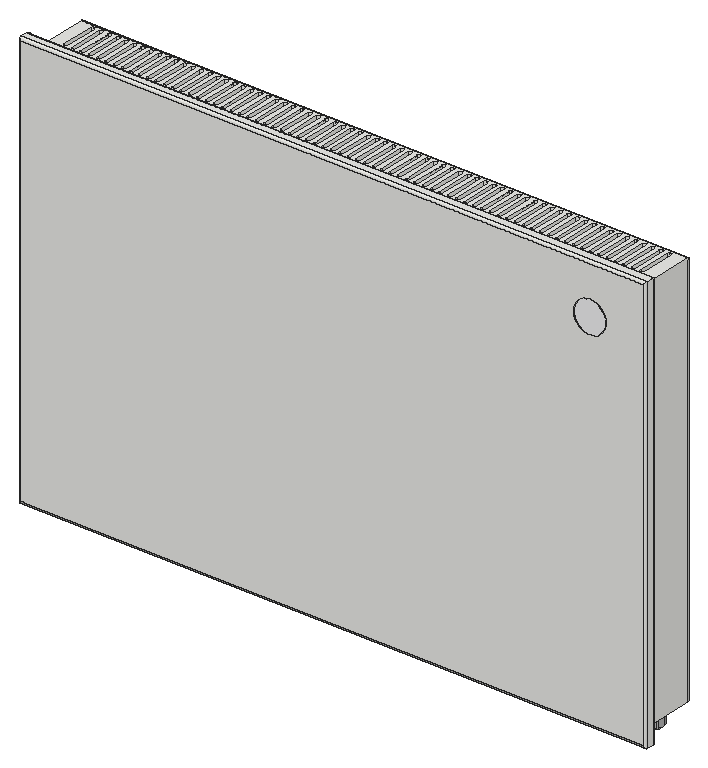
Revit family "Mondo", category Mechanical Equipment, Revit 2020 (continued)
Automatic sketch dimensions
  Extrusion 101 sketch curve to Extrusion 101 sketch curve = 2.5 mm
  Extrusion 101 sketch curve to Extrusion 101 sketch curve = 20 mm
  Extrusion 102 sketch curve to Extrusion 102 sketch curve = 2.5 mm
  Extrusion 102 sketch curve to Extrusion 102 sketch curve = 21.5 mm
  Extrusion 103 sketch curve to Extrusion 103 sketch curve = 2.5 mm
  Extrusion 103 sketch curve to Extrusion 103 sketch curve = 20 mm
  Extrusion 104 sketch curve to Extrusion 104 sketch curve = 2.5 mm
  Extrusion 104 sketch curve to Extrusion 104 sketch curve = 21.5 mm
  Extrusion 105 sketch curve to Extrusion 105 sketch curve = 2.5 mm
  Extrusion 105 sketch curve to Extrusion 105 sketch curve = 20 mm
  Extrusion 106 sketch curve to Extrusion 106 sketch curve = 2.5 mm
  Extrusion 106 sketch curve to Extrusion 106 sketch curve = 21.5 mm
  Extrusion 107 sketch curve to Extrusion 107 sketch curve = 2.5 mm
  Extrusion 107 sketch curve to Extrusion 107 sketch curve = 20 mm
  Extrusion 108 sketch curve to Extrusion 108 sketch curve = 2.5 mm
  Extrusion 108 sketch curve to Extrusion 108 sketch curve = 21.5 mm
  Extrusion 109 sketch curve to Extrusion 109 sketch curve = 2.5 mm
  Extrusion 109 sketch curve to Extrusion 109 sketch curve = 20 mm
  Extrusion 110 sketch curve to Extrusion 110 sketch curve = 2.5 mm
  Extrusion 110 sketch curve to Extrusion 110 sketch curve = 21.5 mm
  Extrusion 111 sketch curve to Extrusion 111 sketch curve = 2.5 mm
  Extrusion 111 sketch curve to Extrusion 111 sketch curve = 20 mm
  Extrusion 112 sketch curve to Extrusion 112 sketch curve = 2.5 mm
  Extrusion 112 sketch curve to Extrusion 112 sketch curve = 21.5 mm
  Extrusion 113 sketch curve to Extrusion 113 sketch curve = 2.5 mm
  Extrusion 113 sketch curve to Extrusion 113 sketch curve = 20 mm
  Extrusion 114 sketch curve to Extrusion 114 sketch curve = 2.5 mm
  Extrusion 114 sketch curve to Extrusion 114 sketch curve = 21.5 mm
  Extrusion 115 sketch curve to Extrusion 115 sketch curve = 2.5 mm
  Extrusion 115 sketch curve to Extrusion 115 sketch curve = 20 mm
  Extrusion 116 sketch curve to Extrusion 116 sketch curve = 2.5 mm
  Extrusion 116 sketch curve to Extrusion 116 sketch curve = 21.5 mm
  Extrusion 117 sketch curve to Extrusion 117 sketch curve = 2.5 mm
  Extrusion 117 sketch curve to Extrusion 117 sketch curve = 20 mm
  Extrusion 118 sketch curve to Extrusion 118 sketch curve = 2.5 mm
  Extrusion 118 sketch curve to Extrusion 118 sketch curve = 21.5 mm
  Extrusion 119 sketch curve to Extrusion 119 sketch curve = 2.5 mm
  Extrusion 119 sketch curve to Extrusion 119 sketch curve = 20 mm
  Extrusion 120 sketch curve to Extrusion 120 sketch curve = 2.5 mm
  Extrusion 120 sketch curve to Extrusion 120 sketch curve = 21.5 mm
  Extrusion 121 sketch curve to Extrusion 121 sketch curve = 2.5 mm
  Extrusion 121 sketch curve to Extrusion 121 sketch curve = 20 mm
  Extrusion 122 sketch curve to Extrusion 122 sketch curve = 2.5 mm
  Extrusion 122 sketch curve to Extrusion 122 sketch curve = 21.5 mm
  Extrusion 123 sketch curve to Extrusion 123 sketch curve = 2.5 mm
  Extrusion 123 sketch curve to Extrusion 123 sketch curve = 20 mm
  Extrusion 124 sketch curve to Extrusion 124 sketch curve = 2.5 mm
  Extrusion 124 sketch curve to Extrusion 124 sketch curve = 21.5 mm
  Extrusion 125 sketch curve to Extrusion 125 sketch curve = 2.5 mm
  Extrusion 125 sketch curve to Extrusion 125 sketch curve = 20 mm
  Extrusion 126 sketch curve to Extrusion 126 sketch curve = 2.5 mm
  Extrusion 126 sketch curve to Extrusion 126 sketch curve = 21.5 mm
  Extrusion 127 sketch curve to Extrusion 127 sketch curve = 2.5 mm
  Extrusion 127 sketch curve to Extrusion 127 sketch curve = 20 mm
  Extrusion 128 sketch curve to Extrusion 128 sketch curve = 2.5 mm
  Extrusion 128 sketch curve to Extrusion 128 sketch curve = 21.5 mm
  Extrusion 129 sketch curve to Extrusion 129 sketch curve = 2.5 mm
  Extrusion 129 sketch curve to Extrusion 129 sketch curve = 20 mm
  Extrusion 130 sketch curve to Extrusion 130 sketch curve = 2.5 mm
  Extrusion 130 sketch curve to Extrusion 130 sketch curve = 21.5 mm
  Extrusion 131 sketch curve to Extrusion 131 sketch curve = 2.5 mm
  Extrusion 131 sketch curve to Extrusion 131 sketch curve = 20 mm
  Extrusion 132 sketch curve to Extrusion 132 sketch curve = 2.5 mm
  Extrusion 132 sketch curve to Extrusion 132 sketch curve = 21.5 mm
  Extrusion 133 sketch curve to Extrusion 133 sketch curve = 2.5 mm
  Extrusion 133 sketch curve to Extrusion 133 sketch curve = 20 mm
  Extrusion 134 sketch curve to Extrusion 134 sketch curve = 2.5 mm
  Extrusion 134 sketch curve to Extrusion 134 sketch curve = 21.5 mm
  Extrusion 135 sketch curve to Extrusion 135 sketch curve = 2.5 mm
  Extrusion 135 sketch curve to Extrusion 135 sketch curve = 20 mm
  Extrusion 136 sketch curve to Extrusion 136 sketch curve = 2.5 mm
  Extrusion 136 sketch curve to Extrusion 136 sketch curve = 21.5 mm
  Extrusion 137 sketch curve to Extrusion 137 sketch curve = 2.5 mm
  Extrusion 137 sketch curve to Extrusion 137 sketch curve = 20 mm
  Extrusion 138 sketch curve to Extrusion 138 sketch curve = 2.5 mm
  Extrusion 138 sketch curve to Extrusion 138 sketch curve = 21.5 mm
  Extrusion 139 sketch curve to Extrusion 139 sketch curve = 2.5 mm
  Extrusion 139 sketch curve to Extrusion 139 sketch curve = 20 mm
  Extrusion 140 sketch curve to Extrusion 140 sketch curve = 2.5 mm
  Extrusion 140 sketch curve to Extrusion 140 sketch curve = 21.5 mm
  Extrusion 141 sketch curve to Extrusion 141 sketch curve = 2.5 mm
  Extrusion 141 sketch curve to Extrusion 141 sketch curve = 20 mm
  Extrusion 142 sketch curve to Extrusion 142 sketch curve = 2.5 mm
  Extrusion 142 sketch curve to Extrusion 142 sketch curve = 21.5 mm
  Extrusion 143 sketch curve to Extrusion 143 sketch curve = 2.5 mm
  Extrusion 143 sketch curve to Extrusion 143 sketch curve = 20 mm
  Extrusion 144 sketch curve to Extrusion 144 sketch curve = 2.5 mm
  Extrusion 144 sketch curve to Extrusion 144 sketch curve = 21.5 mm
  Extrusion 22 sketch curve to Extrusion 22 sketch curve = 21.5 mm
  Extrusion 145 sketch curve to Extrusion 145 sketch curve = 2.5 mm
  Extrusion 145 sketch curve to Extrusion 145 sketch curve = 20 mm
  Extrusion 146 sketch curve to Extrusion 146 sketch curve = 2.5 mm
  Extrusion 146 sketch curve to Extrusion 146 sketch curve = 21.5 mm
  Extrusion 147 sketch curve to Extrusion 147 sketch curve = 2.5 mm
  Extrusion 147 sketch curve to Extrusion 147 sketch curve = 20 mm
  Extrusion 148 sketch curve to Extrusion 148 sketch curve = 2.5 mm
  Extrusion 148 sketch curve to Extrusion 148 sketch curve = 21.5 mm
  Extrusion 149 sketch curve to Extrusion 149 sketch curve = 2.5 mm
  Extrusion 149 sketch curve to Extrusion 149 sketch curve = 20 mm
  Extrusion 150 sketch curve to Extrusion 150 sketch curve = 2.5 mm
  Extrusion 150 sketch curve to Extrusion 150 sketch curve = 21.5 mm
  Extrusion 151 sketch curve to Extrusion 151 sketch curve = 2.5 mm
  Extrusion 151 sketch curve to Extrusion 151 sketch curve = 20 mm
  Extrusion 152 sketch curve to Extrusion 152 sketch curve = 2.5 mm
  Extrusion 152 sketch curve to Extrusion 152 sketch curve = 21.5 mm
  Extrusion 153 sketch curve to Extrusion 153 sketch curve = 2.5 mm
  Extrusion 153 sketch curve to Extrusion 153 sketch curve = 20 mm
  Extrusion 154 sketch curve to Extrusion 154 sketch curve = 2.5 mm
  Extrusion 154 sketch curve to Extrusion 154 sketch curve = 21.5 mm
  Extrusion 155 sketch curve to Extrusion 155 sketch curve = 2.5 mm
  Extrusion 155 sketch curve to Extrusion 155 sketch curve = 20 mm
  Extrusion 156 sketch curve to Extrusion 156 sketch curve = 2.5 mm
  Extrusion 156 sketch curve to Extrusion 156 sketch curve = 21.5 mm
  Extrusion 157 sketch curve to Extrusion 157 sketch curve = 2.5 mm
  Extrusion 157 sketch curve to Extrusion 157 sketch curve = 20 mm
  Extrusion 158 sketch curve to Extrusion 158 sketch curve = 2.5 mm
  Extrusion 158 sketch curve to Extrusion 158 sketch curve = 21.5 mm
  Extrusion 159 sketch curve to Extrusion 159 sketch curve = 2.5 mm
  Extrusion 159 sketch curve to Extrusion 159 sketch curve = 20 mm
  Extrusion 160 sketch curve to Extrusion 160 sketch curve = 2.5 mm
  Extrusion 160 sketch curve to Extrusion 160 sketch curve = 21.5 mm
  Extrusion 161 sketch curve to Extrusion 161 sketch curve = 2.5 mm
  Extrusion 161 sketch curve to Extrusion 161 sketch curve = 20 mm
  Extrusion 162 sketch curve to Extrusion 162 sketch curve = 2.5 mm
  Extrusion 162 sketch curve to Extrusion 162 sketch curve = 21.5 mm
  Extrusion 163 sketch curve to Extrusion 163 sketch curve = 2.5 mm
  Extrusion 163 sketch curve to Extrusion 163 sketch curve = 20 mm
  Extrusion 164 sketch curve to Extrusion 164 sketch curve = 2.5 mm
  Extrusion 164 sketch curve to Extrusion 164 sketch curve = 21.5 mm
  Extrusion 165 sketch curve to Extrusion 165 sketch curve = 2.5 mm
  Extrusion 165 sketch curve to Extrusion 165 sketch curve = 20 mm
  Extrusion 166 sketch curve to Extrusion 166 sketch curve = 2.5 mm
  Extrusion 166 sketch curve to Extrusion 166 sketch curve = 21.5 mm
  Extrusion 167 sketch curve to Extrusion 167 sketch curve = 2.5 mm
  Extrusion 167 sketch curve to Extrusion 167 sketch curve = 20 mm
  Extrusion 168 sketch curve to Extrusion 168 sketch curve = 2.5 mm
  Extrusion 168 sketch curve to Extrusion 168 sketch curve = 21.5 mm
  Extrusion 169 sketch curve to Extrusion 169 sketch curve = 2.5 mm
  Extrusion 169 sketch curve to Extrusion 169 sketch curve = 20 mm
  Extrusion 170 sketch curve to Extrusion 170 sketch curve = 2.5 mm
  Extrusion 170 sketch curve to Extrusion 170 sketch curve = 21.5 mm
  Extrusion 171 sketch curve to Extrusion 171 sketch curve = 2.5 mm
  Extrusion 171 sketch curve to Extrusion 171 sketch curve = 20 mm
  Extrusion 172 sketch curve to Extrusion 172 sketch curve = 2.5 mm
  Extrusion 172 sketch curve to Extrusion 172 sketch curve = 21.5 mm
  Extrusion 173 sketch curve to Extrusion 173 sketch curve = 2.5 mm
  Extrusion 173 sketch curve to Extrusion 173 sketch curve = 20 mm
  Extrusion 174 sketch curve to Extrusion 174 sketch curve = 2.5 mm
  Extrusion 174 sketch curve to Extrusion 174 sketch curve = 21.5 mm
  Extrusion 175 sketch curve to Extrusion 175 sketch curve = 2.5 mm
  Extrusion 175 sketch curve to Extrusion 175 sketch curve = 20 mm
  Extrusion 176 sketch curve to Extrusion 176 sketch curve = 2.5 mm
  Extrusion 176 sketch curve to Extrusion 176 sketch curve = 21.5 mm
  Extrusion 177 sketch curve to Extrusion 177 sketch curve = 2.5 mm
  Extrusion 177 sketch curve to Extrusion 177 sketch curve = 20 mm
  Extrusion 178 sketch curve to Extrusion 178 sketch curve = 2.5 mm
  Extrusion 178 sketch curve to Extrusion 178 sketch curve = 21.5 mm
  Extrusion 179 sketch curve to Extrusion 179 sketch curve = 2.5 mm
  Extrusion 179 sketch curve to Extrusion 179 sketch curve = 20 mm
  Extrusion 180 sketch curve to Extrusion 180 sketch curve = 2.5 mm
  Extrusion 180 sketch curve to Extrusion 180 sketch curve = 21.5 mm
  Extrusion 181 sketch curve to Extrusion 181 sketch curve = 2.5 mm
  Extrusion 181 sketch curve to Extrusion 181 sketch curve = 20 mm
  Extrusion 182 sketch curve to Extrusion 182 sketch curve = 2.5 mm
  Extrusion 182 sketch curve to Extrusion 182 sketch curve = 21.5 mm
  Extrusion 183 sketch curve to Extrusion 183 sketch curve = 2.5 mm
  Extrusion 183 sketch curve to Extrusion 183 sketch curve = 20 mm
  Extrusion 184 sketch curve to Extrusion 184 sketch curve = 2.5 mm
  Extrusion 184 sketch curve to Extrusion 184 sketch curve = 21.5 mm
  Extrusion 185 sketch curve to Extrusion 185 sketch curve = 2.5 mm
  Extrusion 185 sketch curve to Extrusion 185 sketch curve = 20 mm
  Extrusion 186 sketch curve to Extrusion 186 sketch curve = 2.5 mm
  Extrusion 186 sketch curve to Extrusion 186 sketch curve = 21.5 mm
  Extrusion 187 sketch curve to Extrusion 187 sketch curve = 2.5 mm
  Extrusion 187 sketch curve to Extrusion 187 sketch curve = 20 mm
  Extrusion 188 sketch curve to Extrusion 188 sketch curve = 2.5 mm
  Extrusion 188 sketch curve to Extrusion 188 sketch curve = 21.5 mm
  Extrusion 189 sketch curve to Extrusion 189 sketch curve = 2.5 mm
  Extrusion 189 sketch curve to Extrusion 189 sketch curve = 20 mm
  Extrusion 190 sketch curve to Extrusion 190 sketch curve = 2.5 mm
  Extrusion 190 sketch curve to Extrusion 190 sketch curve = 21.5 mm
  Sweep 2 sketch curve to profile plane = 0 mm  (x6)
  Sweep 2 sketch curve to Sweep 2 sketch curve = 2.5 mm  (x2)
  Sweep 2 sketch curve to profile plane = 2.5 mm
  Sweep 2 sketch curve to Sweep 2 sketch curve = 9 mm
  Sweep 2 sketch curve to Sweep 2 sketch curve = 0 mm  (x4)
  Sweep 4 sketch curve to profile plane = 0 mm  (x2)
  profile plane to Sweep 4 sketch curve = 66 mm
  Sweep 4 sketch curve to Sweep 4 sketch curve = 2 mm  (x2)
  Sweep 4 sketch curve to Sweep 4 sketch curve = 0 mm  (x2)
  Extrusion 5 sketch curve to plane 11 = 41 mm
  Extrusion 5 sketch curve to Extrusion 5 sketch curve = 2.5 mm
  Extrusion 5 sketch curve to plane 13 = 18.5 mm
  Extrusion 5 sketch curve to Extrusion 5 sketch curve = 20 mm
  Extrusion 6 sketch curve to Extrusion 6 sketch curve = 2.5 mm
  Extrusion 6 sketch curve to plane 13 = 18.5 mm
  Extrusion 6 sketch curve to Extrusion 6 sketch curve = 20 mm
  Extrusion 7 sketch curve to Extrusion 7 sketch curve = 2.5 mm
  Extrusion 7 sketch curve to plane 13 = 18.5 mm
  Extrusion 7 sketch curve to Extrusion 7 sketch curve = 20 mm
  plane 7 to Extrusion 8 sketch curve = 0 mm
  plane 7 to Extrusion 8 sketch curve = 21.5 mm
  Extrusion 8 sketch curve to Extrusion 8 sketch curve = 2.5 mm
  plane 7 to Extrusion 9 sketch curve = 0 mm
  Extrusion 9 sketch curve to Extrusion 9 sketch curve = 2.5 mm
  plane 7 to Extrusion 9 sketch curve = 21.5 mm
  plane 9 to Extrusion 10 sketch curve = 16 mm
  Extrusion 10 sketch curve to Extrusion 10 sketch curve = 2.5 mm
  Extrusion 10 sketch curve to plane 13 = 18.5 mm
  Extrusion 10 sketch curve to Extrusion 10 sketch curve = 20 mm
  plane 7 to Extrusion 11 sketch curve = 0 mm
  plane 9 to Extrusion 11 sketch curve = 11 mm
  Extrusion 11 sketch curve to Extrusion 11 sketch curve = 2.5 mm
  plane 7 to Extrusion 11 sketch curve = 21.5 mm
  plane 9 to Extrusion 12 sketch curve = 26 mm
  Extrusion 12 sketch curve to Extrusion 12 sketch curve = 2.5 mm
  Extrusion 12 sketch curve to plane 13 = 18.5 mm
  Extrusion 12 sketch curve to Extrusion 12 sketch curve = 20 mm
  plane 7 to Extrusion 13 sketch curve = 0 mm
  plane 9 to Extrusion 13 sketch curve = 21 mm
  Extrusion 13 sketch curve to Extrusion 13 sketch curve = 2.5 mm
  plane 7 to Extrusion 13 sketch curve = 21.5 mm
  plane 9 to Extrusion 14 sketch curve = 36 mm
  Extrusion 14 sketch curve to Extrusion 14 sketch curve = 2.5 mm
  Extrusion 14 sketch curve to plane 13 = 18.5 mm
  Extrusion 14 sketch curve to Extrusion 14 sketch curve = 20 mm
  plane 7 to Extrusion 15 sketch curve = 0 mm
  plane 9 to Extrusion 15 sketch curve = 31 mm
  Extrusion 15 sketch curve to Extrusion 15 sketch curve = 2.5 mm
  plane 7 to Extrusion 15 sketch curve = 21.5 mm
  Extrusion 16 sketch curve to Extrusion 16 sketch curve = 2.5 mm
  Extrusion 16 sketch curve to plane 13 = 18.5 mm
  Extrusion 16 sketch curve to Extrusion 16 sketch curve = 20 mm
  plane 7 to Extrusion 17 sketch curve = 0 mm
  plane 9 to Extrusion 17 sketch curve = 41 mm
  Extrusion 17 sketch curve to Extrusion 17 sketch curve = 2.5 mm
  plane 7 to Extrusion 17 sketch curve = 21.5 mm
  Extrusion 18 sketch curve to Extrusion 18 sketch curve = 2.5 mm
  Extrusion 18 sketch curve to plane 13 = 18.5 mm
  Extrusion 18 sketch curve to Extrusion 18 sketch curve = 20 mm
  plane 7 to Extrusion 19 sketch curve = 0 mm
  Extrusion 19 sketch curve to Extrusion 19 sketch curve = 2.5 mm
  plane 7 to Extrusion 19 sketch curve = 21.5 mm
  Extrusion 21 sketch curve to plane 3 "Center (Left/Right)" = 7.5 mm
  Extrusion 21 sketch curve to Extrusion 21 sketch curve = 2.5 mm
  Extrusion 21 sketch curve to plane 13 = 18.5 mm
  Extrusion 21 sketch curve to Extrusion 21 sketch curve = 20 mm
  plane 3 "Center (Left/Right)" to Extrusion 23 sketch curve = 2.5 mm
  Extrusion 23 sketch curve to Extrusion 23 sketch curve = 2.5 mm
  Extrusion 23 sketch curve to plane 13 = 18.5 mm
  Extrusion 23 sketch curve to Extrusion 23 sketch curve = 20 mm
  plane 7 to Extrusion 24 sketch curve = 0 mm
  Extrusion 24 sketch curve to plane 3 "Center (Left/Right)" = 0 mm
  Extrusion 24 sketch curve to plane 3 "Center (Left/Right)" = 2.5 mm
  plane 7 to Extrusion 24 sketch curve = 21.5 mm
  Extrusion 27 sketch curve to plane 11 = 9 mm
  Extrusion 27 sketch curve to plane 13 = 18 mm
  Revolve 28 sketch curve to plane 12 = 1.5 mm
  Revolve 28 sketch curve to plane 13 = 18 mm
  Revolve 28 sketch curve to Revolve 28 sketch curve = 3 mm
  Revolve 28 sketch curve to level = 8.5 mm
  Revolve 28 sketch curve to Revolve 28 sketch curve = 0 mm
  Revolve 28 sketch curve to Revolve 28 sketch curve = 0.894 mm
  Revolve 28 sketch curve to Revolve 28 sketch curve = 3.899 mm
  Extrusion 6 sketch curve to plane 11 = 51 mm
  Extrusion 7 sketch curve to plane 11 = 61 mm
  Extrusion 8 sketch curve to plane 11 = 46 mm
  Extrusion 9 sketch curve to plane 11 = 56 mm
  plane 9 to Extrusion 16 sketch curve = 46 mm
  plane 9 to Extrusion 18 sketch curve = 56 mm
  plane 9 to Extrusion 19 sketch curve = 51 mm
  radius of Extrusion 27 sketch curve = 7 mm
Nested families
  nested 1: "Beugel_740" at (0, 0, -8), visible <- "Beugel breed", type "Beugel_740"
  nested 2: "Aansluiting 1" at (342, -42, -9) x (0.866, -0.5, 0) z (0, 0, 1), type "Aansluiting 1", detail levels medium+fine
  nested 3: "Beugel_444" at (0, 0, -8), visible <- "Beugel smal", type "Beugel_444"
  nested 4: "SMART Thermostaat_nieuw" at (331.5, -48, 8) x (0, 1, 0) z (0, 0, 1), type "SMART Thermostaat_nieuw", not visible, detail levels medium+fine
  nested 5: "Mondo_movement sensor" at (308, -95, 440), type "Mondo_movement sensor", detail levels medium+fine
Connectors
  electrical at (342, -42, -4), driven by "Voltage", driven by "Power (default)", driven by "Phase"
    settings: on nested 2, index 1, voltage 230 V, apparent load 750 VA, apparent load phase1 0 VA, apparent load phase2 0 VA, apparent load phase3 0 VA, power factor 1, load classification "Other", number of poles 1, system type 30, power factor state 1, is connector primary yes, connector utility no, sub classification motor no, connector description ""
Definition of nested family "Beugel_740"
  Parameters (values of type "Beugel_740")
    Metaal = none
    Default Elevation = 0 mm
  Reference planes
    plane 1 "Center (Front/Back)": y = 0
    plane 2: z = 0
    plane 3 "Center (Left/Right)": x = 0
    plane 4: z = 402
    plane 5: z = 412
    plane 6: z = 32
    plane 7: x = -349
    plane 8: x = 349
    plane 9: z = 367
    plane 10: x = -22
    plane 11: x = 22
    plane 12: x = -370
    plane 13: x = 370
    plane 14: y = -15
  Forms (mm)
    Extrusion 1, solid, material <- "Metaal"
      sketch origin (0, 0, 0) x (1, 0, 0) y (0, 0, 1)
        loop
          line (-349, 412) -> (-349, 402) -> (-370, 402) -> (-370, 367) -> (-22, 367) -> (-22, 32) -> (22, 32) -> (22, 367) -> (370, 367) -> (370, 402) -> (349, 402) -> (349, 412) -> (-349, 412)
        loop
          arc (-3, 51) -> (0, 42) -> (3, 51) r 5
          line (3, 51) -> (3, 62)
          arc (3, 62) -> (0, 65) -> (-3, 62) r 3
          line (-3, 62) -> (-3, 51)
        loop
          arc (-358, 381) -> (-355, 372) -> (-352, 381) r 5
          line (-352, 381) -> (-352, 392)
          arc (-352, 392) -> (-355, 395) -> (-358, 392) r 3
          line (-358, 392) -> (-358, 381)
        loop
          arc (352, 381) -> (355, 372) -> (358, 381) r 5
          line (358, 381) -> (358, 392)
          arc (358, 392) -> (355, 395) -> (352, 392) r 3
          line (352, 392) -> (352, 381)
      from 0 to 15
    Extrusion 2, void
      sketch origin (0, -50.5, 0) x (0, 1, 0) y (0, 0, 1)
        loop
          line (50.5, 412) -> (44.5, 412) -> (50.5, 402) -> (50.5, 412)
      from -349 to 349
    Extrusion 3, void
      sketch origin (0, -50.5, 0) x (0, 1, 0) y (0, 0, 1)
        loop
          line (35.5, 412) -> (35.5, 32.8) -> (49.7, 32.8) -> (49.7, 401.778) -> (43.567, 412) -> (35.5, 412)
      from -369.2 to 369.2
  Cuts and joins
    Extrusion 2, Extrusion 3 cuts Extrusion 1
  Dimensions and locks
    aligned and locked: level to plane 2
Definition of nested family "Aansluiting 1"
  Parameters (values of type "Aansluiting 1")
    Licht grijs = none
    Default Elevation = 0 mm
  Reference planes
    plane 1 "Center (Front/Back)": y = 0
    plane 2: z = 0
    plane 3 "Center (Left/Right)": x = 0
    plane 4: z = 21
  Forms (mm)
    Extrusion 1, solid, material <- "Licht grijs"
      sketch origin (0, 0, 0) x (1, 0, 0) y (0, 1, 0)
        loop
          line (-6.321, 9.053) -> (-11, 0.947) -> (-11, -0.947) -> (-6.321, -9.053) -> (-4.679, -10) -> (4.679, -10) -> (6.321, -9.053) -> (11, -0.947) -> (11, 0.947) -> (6.321, 9.053) -> (4.679, 10) -> (-4.679, 10) -> (-6.321, 9.053)
      from 16 to 21
    Extrusion 2, solid, material <- "Licht grijs"
      sketch origin (0, 0, 0) x (1, 0, 0) y (0, 1, 0)
        loop
          circle (0, 0) r 7
      from 14 to 16
    Extrusion 3, solid, material <- "Licht grijs"
      sketch origin (0, 0, 0) x (1, 0, 0) y (0, 1, 0)
        loop
          line (-6.321, 9.053) -> (-11, 0.947) -> (-11, -0.947) -> (-6.321, -9.053) -> (-4.679, -10) -> (4.679, -10) -> (6.321, -9.053) -> (11, -0.947) -> (11, 0.947) -> (6.321, 9.053) -> (4.679, 10) -> (-4.679, 10) -> (-6.321, 9.053)
      from -0.5 to 14
    Revolve 4, void
      sketch origin (0, 0, 0) x (1, 0, 0) y (0, 0, 1)
        loop
          line (-5.547, 0.004) -> (-6.347, 0.004)
          arc (-6.347, 0.004) -> (-10.354, 1.435) -> (-12.547, 5.081) r 6.324
          line (-12.547, 5.081) -> (-12.547, -1) -> (0, -1) -> (0, 5) -> (-5.547, 5) -> (-5.547, 0.004)
        axis (0, 5.081) -> (0, -1)
      angle from 0 to 360
  Cuts and joins
    Revolve 4 cuts Extrusion 3
  Dimensions and locks
    aligned and locked: level to plane 2
Definition of nested family "Beugel_444"
  Parameters (values of type "Beugel_444")
    Zwart = none
    Default Elevation = 0 mm
    Colour = none
    Scherm = none
    Metaal = none
    Licht grijs = none
    Diepte = 71 mm
    Hoogte = 440 mm
    Breedte = 750 mm
  Reference planes
    plane 1 "Center (Front/Back)": y = 0
    plane 2: z = 0
    plane 3 "Center (Left/Right)": x = 0
    plane 4: z = 440
    plane 5: z = 402
    plane 6: z = 412
    plane 7: x = -222
    plane 8: x = 222
    plane 9: z = 32
    plane 10: x = -201
    plane 11: x = 201
    plane 12: z = 367
    plane 13: x = -22
    plane 14: x = 22
    plane 15: y = -15
  Forms (mm)
    Extrusion 1, solid, material <- "Metaal"
      sketch origin (0, 0, 0) x (1, 0, 0) y (0, 0, 1)
        loop
          line (-201, 412) -> (-201, 402) -> (-222, 402) -> (-222, 367) -> (-22, 367) -> (-22, 32) -> (22, 32) -> (22, 367) -> (222, 367) -> (222, 402) -> (201, 402) -> (201, 412) -> (-201, 412)
        loop
          arc (-3, 51) -> (0, 42) -> (3, 51) r 5
          line (3, 51) -> (3, 62)
          arc (3, 62) -> (0, 65) -> (-3, 62) r 3
          line (-3, 62) -> (-3, 51)
        loop
          arc (-210, 381) -> (-207, 372) -> (-204, 381) r 5
          line (-204, 381) -> (-204, 392)
          arc (-204, 392) -> (-207, 395) -> (-210, 392) r 3
          line (-210, 392) -> (-210, 381)
        loop
          arc (204, 381) -> (207, 372) -> (210, 381) r 5
          line (210, 381) -> (210, 392)
          arc (210, 392) -> (207, 395) -> (204, 392) r 3
          line (204, 392) -> (204, 381)
      from 0 to 15
    Extrusion 2, void
      sketch origin (0, -50.5, 0) x (0, 1, 0) y (0, 0, 1)
        loop
          line (50.5, 412) -> (44.5, 412) -> (50.5, 402) -> (50.5, 412)
      from -201 to 201
    Extrusion 3, void
      sketch origin (0, -50.5, 0) x (0, 1, 0) y (0, 0, 1)
        loop
          line (35.5, 412) -> (35.5, 32.8) -> (49.7, 32.8) -> (49.7, 401.778) -> (43.567, 412) -> (35.5, 412)
      from -221.2 to 221.2
  Cuts and joins
    Extrusion 2, Extrusion 3 cuts Extrusion 1
  Dimensions and locks
    "Hoogte": plane 4 to level
    aligned and locked: level to plane 2
  Automatic sketch dimensions
    Extrusion 1 sketch curve to plane 7 = 0 mm
    Extrusion 1 sketch curve to plane 6 = 0 mm
    Extrusion 1 sketch curve to plane 10 = 0 mm
    Extrusion 1 sketch curve to plane 9 = 0 mm
    Extrusion 1 sketch curve to plane 13 = 0 mm
    Extrusion 1 sketch curve to plane 3 "Center (Left/Right)" = 0 mm  (x2)
    Extrusion 1 sketch curve to plane 14 = 0 mm
    Extrusion 1 sketch curve to plane 11 = 0 mm
    Extrusion 1 sketch curve to plane 8 = 0 mm
    Extrusion 1 sketch curve to plane 12 = 0 mm  (x2)
    Extrusion 1 sketch curve to plane 5 = 0 mm  (x2)
    Extrusion 1 sketch curve to plane 10 = 9 mm
    Extrusion 1 sketch curve to Extrusion 1 sketch curve = 3 mm  (x3)
    Extrusion 1 sketch curve to plane 3 "Center (Left/Right)" = 3 mm
    Extrusion 1 sketch curve to plane 8 = 18 mm
    Extrusion 1 sketch curve to plane 8 = 15 mm
    plane 9 to Extrusion 1 sketch curve = 15 mm
    Extrusion 1 sketch curve to Extrusion 1 sketch curve = 4 mm  (x3)
    Extrusion 1 sketch curve to Extrusion 1 sketch curve = 11 mm
    plane 12 to Extrusion 1 sketch curve = 10 mm  (x2)
    Extrusion 1 sketch curve to plane 5 = 10 mm  (x2)
    Extrusion 2 sketch curve to plane 5 = 0 mm
    Extrusion 2 sketch curve to plane 6 = 0 mm
    Extrusion 2 sketch curve to Extrusion 2 sketch curve = 6 mm
    Extrusion 3 sketch curve to plane 5 = 0.222 mm
    plane 9 to Extrusion 3 sketch curve = 0.8 mm
    Extrusion 3 sketch curve to plane 6 = 0 mm
    plane 1 "Center (Front/Back)" to Extrusion 2 sketch curve = 6 mm
    plane 1 "Center (Front/Back)" to Extrusion 3 sketch curve = 15 mm
    Extrusion 3 sketch curve to Extrusion 3 sketch curve = 8.067 mm
    Extrusion 3 sketch curve to Extrusion 3 sketch curve = 6.133 mm
Definition of nested family "SMART Thermostaat_nieuw"
  Parameters (values of type "SMART Thermostaat_nieuw")
    URL = ""
    Model = ""
    Manufacturer = ""
    Kuststof paneel = none
    Scherm = none
    Rand = none
    Default Elevation = 0 mm
  Reference planes
    plane 1 "Center (Front/Back)": y = 0
    plane 2: z = 0
    plane 3 "Center (Left/Right)": x = 0
    plane 4: y = -35.5
    plane 5: x = 30
    plane 6: x = -30
    plane 7: z = 387.2
    plane 8: z = 295
    plane 9: z = 357.2
    plane 10: z = 329.8
    plane 11: x = -18.7
    plane 12: x = 18.7
  Forms (mm)
    Extrusion 1, solid, material <- "Kuststof paneel"
      sketch origin (-465, 0, 0) x (1, 0, 0) y (0, 0, 1)
        loop
          circle (471.4, 316) r 5.6
        loop
          circle (458.6, 316) r 5.6
        loop
          circle (445.8, 316) r 5.6
        loop
          circle (484.2, 316) r 5.6
        loop
          arc (436, 300) -> (437.172, 297.172) -> (440, 296) r 4
          line (440, 296) -> (490, 296)
          arc (490, 296) -> (492.828, 297.172) -> (494, 300) r 4
          line (494, 300) -> (494, 357.2)
          arc (494, 357.2) -> (465, 386.2) -> (436, 357.2) r 29
          line (436, 357.2) -> (436, 300)
      from 31.5 to 34.5
    Extrusion 2, solid, material <- "Rand"
      sketch origin (-465, 0, 0) x (1, 0, 0) y (0, 0, 1)
        loop
          line (435, 357.2) -> (435, 300)
          arc (435, 300) -> (436.464, 296.464) -> (440, 295) r 5
          line (440, 295) -> (490, 295)
          arc (490, 295) -> (493.536, 296.464) -> (495, 300) r 5
          line (495, 300) -> (495, 357.2)
          arc (495, 357.2) -> (465, 387.2) -> (435, 357.2) r 30
        loop
          line (436, 357.2) -> (436, 300)
          arc (436, 300) -> (437.172, 297.172) -> (440, 296) r 4
          line (440, 296) -> (490, 296)
          arc (490, 296) -> (492.828, 297.172) -> (494, 300) r 4
          line (494, 300) -> (494, 357.2)
          arc (494, 357.2) -> (465, 386.2) -> (436, 357.2) r 29
        loop
          circle (445.8, 316) r 5.6
        loop
          circle (445.8, 316) r 5
        loop
          circle (458.6, 316) r 5.6
        loop
          circle (458.6, 316) r 5
        loop
          circle (471.4, 316) r 5.6
        loop
          circle (471.4, 316) r 5
        loop
          circle (484.2, 316) r 5.6
        loop
          circle (484.2, 316) r 5
      from 31.5 to 34.5
    Extrusion 3, void
      sketch origin (-465, 0, 0) x (1, 0, 0) y (0, 0, 1)
        loop
          line (446.3, 357.2) -> (446.3, 329.8) -> (483.7, 329.8) -> (483.7, 357.2) -> (446.3, 357.2)
      from 32.5 to 35.5
    Extrusion 4, solid, material <- "Scherm"
      sketch origin (-465, 0, 0) x (1, 0, 0) y (0, 0, 1)
        loop
          line (446.3, 357.2) -> (446.3, 329.8) -> (483.7, 329.8) -> (483.7, 357.2) -> (446.3, 357.2)
      from 32.5 to 34.5
    Revolve 5, solid, material <- "Kuststof paneel"
      sketch origin (-19.2, 0, 0) x (0, 1, 0) y (0, 0, 1)
        loop
          line (-34.5, 321) -> (-35, 320) -> (-35, 316) -> (-31.5, 316) -> (-31.5, 321) -> (-34.5, 321)
        axis (-31.5, 316) -> (-35, 316)
      angle from 0 to 360
    Revolve 6, solid, material <- "Kuststof paneel"
      sketch origin (-6.4, 0, 0) x (0, 1, 0) y (0, 0, 1)
        loop
          line (-34.5, 321) -> (-35, 320) -> (-35, 316) -> (-31.5, 316) -> (-31.5, 321) -> (-34.5, 321)
        axis (-31.5, 316) -> (-35, 316)
      angle from 0 to 360
    Revolve 7, solid, material <- "Kuststof paneel"
      sketch origin (6.4, 0, 0) x (0, 1, 0) y (0, 0, 1)
        loop
          line (-34.5, 321) -> (-35, 320) -> (-35, 316) -> (-31.5, 316) -> (-31.5, 321) -> (-34.5, 321)
        axis (-31.5, 316) -> (-35, 316)
      angle from 0 to 360
    Revolve 8, solid, material <- "Kuststof paneel"
      sketch origin (19.2, 0, 0) x (0, 1, 0) y (0, 0, 1)
        loop
          line (-34.5, 321) -> (-35, 320) -> (-35, 316) -> (-31.5, 316) -> (-31.5, 321) -> (-34.5, 321)
        axis (-31.5, 316) -> (-35, 316)
      angle from 0 to 360
  Cuts and joins
    Extrusion 3 cuts Extrusion 2
    Extrusion 3 cuts Extrusion 1
  Dimensions and locks
    aligned and locked: level to plane 2
    aligned and locked: Extrusion 1 sketch curve to cut or joined group of Extrusion 2, Extrusion 3  (x6)
    aligned and locked: Extrusion 3 sketch curve to plane 9
    aligned and locked: Extrusion 3 sketch curve to plane 12
    aligned and locked: Extrusion 3 sketch curve to plane 10
    aligned and locked: Extrusion 3 sketch curve to plane 11
    aligned and locked: plane 9 to Extrusion 4 sketch curve
    aligned and locked: plane 12 to Extrusion 4 sketch curve
    aligned and locked: Extrusion 4 sketch curve to plane 10
    aligned and locked: Extrusion 4 sketch curve to plane 11
Definition of nested family "Mondo_movement sensor"
  Parameters (values of type "Mondo_movement sensor")
    URL = ""
    Model = ""
    Manufacturer = ""
    Default Elevation = 0 mm
  Reference planes
    plane 1 "Center (Front/Back)": y = 0
    plane 2: z = 0
    plane 3 "Center (Left/Right)": x = 0
    plane 4: x = 19
    plane 5: x = -19
    plane 6: z = 19
    plane 7: z = -19
    plane 8: y = 10
  Forms (mm)
    Extrusion 1, solid
      sketch origin (0, 0, 0) x (1, 0, 0) y (0, 0, 1)
        loop
          circle (0, 0) r 19
      from -10 to 0
  Lines and regions (mm)
    model lines
      curve 1: circle (0, 0, 0) r 16 normal (0, -1, 0)
      curve 2: circle (0, 0, 0) r 14 normal (0, -1, 0)
      curve 3: line (-4.683, 0, -1.2) -> (4.683, 0, -1.2)
      curve 4: line (-14, 0, 0) -> (-9.01, 0, 0)
      curve 5: line (14, 0, 0) -> (9.01, 0, 0)
      curve 6: line (5.301, 0, -1.102) -> (8.392, 0, -0.098)
      curve 7: line (-5.301, 0, -1.102) -> (-8.392, 0, -0.098)
      curve 8: arc (-8.392, 0, -0.098) -> (-8.697, 0, -0.025) -> (-9.01, 0, 0) r 2
      curve 9: arc (-4.683, 0, -1.2) -> (-4.996, 0, -1.175) -> (-5.301, 0, -1.102) r 2
      curve 10: arc (4.683, 0, -1.2) -> (4.996, 0, -1.175) -> (5.301, 0, -1.102) r 2
      curve 11: arc (9.01, 0, 0) -> (8.697, 0, -0.025) -> (8.392, 0, -0.098) r 2
      curve 12: arc (2.75, 0, -1.2) -> (0, 0, 3) -> (-2.75, 0, -1.2) r 3
  Dimensions and locks
    aligned and locked: level to plane 2
    aligned and locked: Extrusion 1 to plane 8
    aligned and locked: plane 1 "Center (Front/Back)" to Extrusion 1
Types (5, lengths in mm): name | Power (default) | Model | Breedte | Beugel smal | Beugel breed | Art. No. | Aantal openingen onder | Aantal openingen boven
  (no name) | 750 VA | "Mondo 750W" | 750 | yes | no | "429 756 411" | 24 | 35
  Mondo_0750W | 750 VA | "Mondo 750W" | 750 | yes | no | "429 756 411" | 24 | 35
  Mondo_1500W | 1500 VA | "Mondo 1500W" | 1050 | no | yes | "429 756 414" | 39 | 50
  Mondo_1000W | 1000 VA | "Mondo 1000W" | 750 | yes | no | "429 756 412" | 24 | 35
  Mondo_2000W | 2000 VA | "Mondo 2000W" | 1050 | no | yes | "429 756 416" | 39 | 50
